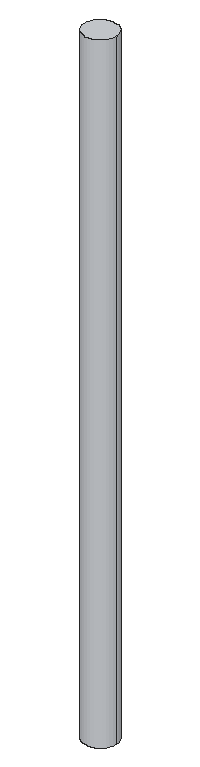
Revit family "M_Coluna redonda", category Colunas, Revit 2019
Family settings
  Número OmniClass = 23.25.30.11.14.11
  Título OmniClass = Columns
  ID de item do Seek = Round Column-0000-CAN-ENU
  Corte com vazios quando carregada = Não
  Unir automaticamente geometria às paredes = Sim
  Compartilhado = Não
  Exibir o pré-corte da família na vista da planta = Sim
Parameters (values of type "152 mm Diâmetro")
  Diâmetro = 152.00 mm
  Material = none
  Base deslocada = 0.00 mm
  Topo deslocado = 0.00 mm
Types (4, lengths in mm): name | Diâmetro
  (no name) | 152.00
  152 mm Diâmetro | 152.00
  305 mm Diâmetro | 305.00
  610 mm Diâmetro | 610.00
Reference planes
  plane 1: y = 0
  plane 2: z = 0
  plane 3: x = 0
  plane 4: x = -76
  plane 5: x = 76
  plane 6: y = 76
  plane 7: y = -76
  plane 8: z = 3000
  plane 9: z = 0
Forms (mm)
  Extrusion 1, solid, material <- "Material"
    sketch origin (0, 0, 0) x (1, 0, 0) y (0, 1, 0)
      loop
        arc (-76, 0) -> (0, -76) -> (76, 0) r 76
        arc (76, 0) -> (53.74, 53.74) -> (0, 76) r 76
        arc (0, 76) -> (-53.74, 53.74) -> (-76, 0) r 76
    from 0 to 3000
Dimensions and locks
  equal spacing: plane 4, plane 3, plane 5
  "Diâmetro": plane 4 to plane 5
  equal spacing: plane 6, plane 1, plane 7
  "Diâmetro": plane 7 to plane 6
  "Base deslocada": plane 9 to level
  "Topo deslocado": level to plane 8
  aligned and locked: Extrusion 1 to plane 9
  aligned and locked: plane 8 to Extrusion 1
Automatic sketch dimensions
  Extrusion 1 sketch curve to plane 1 = 0.00 mm  (x2)
  Extrusion 1 sketch curve to plane 4 = 0.00 mm  (x2)
  Extrusion 1 sketch curve to plane 3 = 0.00 mm
